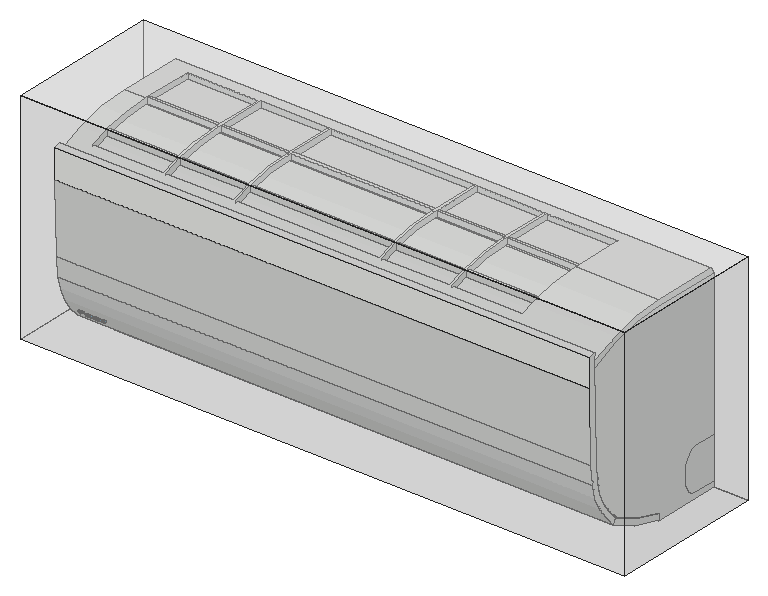
Revit family "outputfile", category 機械設備, Revit 2024
Family settings
  丸型コネクタ寸法 = 半径を使用
  パーツ タイプ = 標準
  OmniClass 番号 = 23.75.10.24.21.27.27
  OmniClass タイトル = Split System Air Conditioning Units
  作業面ベース = いいえ
  常に垂直 = はい
  ロード時にボイドで切り取り = いいえ
  注釈の向きを維持 = いいえ
  共有 = いいえ
  部屋計算ポイント = いいえ
Parameters (values of type "FTXF50WVMA")
  Description = ""
  書き出し IFC クラス(タイプ) = "IfcUnitaryEquipmentType"
  定義済み IFC タイプ(タイプ) = "AIRCONDITIONINGUNIT"
  Cost = 0
  Type Comments = ""
  Keynote = ""
  Type Image = (empty or 0)
  Assembly Code = ""
  w_wall hole = if(Width = 770.0 mm, 48.0 mm, 60.0 mm)  # 48.0 mm
  製造元 = "Daikin"
  モデル = "FTXF50WVMA"
  switch_frequency = yes
  r_Liquid Pipe Size = Liquid Pipe Size / 2  # 3.2 mm
  r_Gas Pipe Size = Gas Pipe Size / 2  # 6.35 mm
  r_Drain Pipe Size = Drain Pipe Size / 2  # 8.0 mm
  lw_powersupply [instance] = if(Width = 770.0 mm, if(or(Rear Right Connection_refrigerant, Bottom Right Connection_refrigerant), 25.0 mm, if(or(Rear Left Connection_refrigerant, Bottom Left Connection_refrigerant), 745.0 mm, 400.0 mm)), if(Width = 990.0 mm, if(or(Rear Right Connection_refrigerant, Bottom Right Connection_refrigerant), 40.0 mm, if(or(Rear Left Connection_refrigerant, Bottom Left Connection_refrigerant), 920.0 mm, 400.0 mm)), if(or(Rear Right Connection_refrigerant, Bottom Right Connection_refrigerant), 40.0 mm, if(or(Rear Left Connection_refrigerant, Bottom Left Connection_refrigerant), 920.0 mm, 400.0 mm))))  # 400.0 mm
  lw_liquidpipe [instance] = if(Width = 770.0 mm, if(or(Rear Right Connection_refrigerant, Bottom Right Connection_refrigerant), 0.0 mm, if(or(Rear Left Connection_refrigerant, Bottom Left Connection_refrigerant), 664.0 mm, 385.0 mm)), if(Width = 990.0 mm, if(or(Rear Right Connection_refrigerant, Bottom Right Connection_refrigerant), 0.0 mm, if(or(Rear Left Connection_refrigerant, Bottom Left Connection_refrigerant), 664.0 mm + (990.0 mm - 770.0 mm), 475.0 mm)), if(or(Rear Right Connection_refrigerant, Bottom Right Connection_refrigerant), 0.0 mm, if(or(Rear Left Connection_refrigerant, Bottom Left Connection_refrigerant), 664.0 mm + (990.0 mm - 770.0 mm), 475.0 mm))))  # 385.0 mm
  lw_gaspipe [instance] = if(Width = 770.0 mm, if(or(Rear Right Connection_refrigerant, Bottom Right Connection_refrigerant), 0.0 mm, if(or(Rear Left Connection_refrigerant, Bottom Left Connection_refrigerant), 675.0 mm, if(Gas Pipe Size = 12.7 mm, 335.0 mm, 335.0 mm))), if(Width = 990.0 mm, if(or(Rear Right Connection_refrigerant, Bottom Right Connection_refrigerant), 10.0 mm, if(or(Rear Left Connection_refrigerant, Bottom Left Connection_refrigerant), 890.0 mm, if(Gas Pipe Size = 15.9 mm, 400.0 mm, 400.0 mm))), if(or(Rear Right Connection_refrigerant, Bottom Right Connection_refrigerant), 10.0 mm, if(or(Rear Left Connection_refrigerant, Bottom Left Connection_refrigerant), 890.0 mm, if(Gas Pipe Size = 15.9 mm, 400.0 mm, 400.0 mm)))))  # 335.0 mm
  lw_drainpipe [instance] = if(Width = 770.0 mm, if(or(Rear Right Connection_refrigerant, Bottom Right Connection_refrigerant), 0.0 mm, if(or(Rear Left Connection_refrigerant, Bottom Left Connection_refrigerant), 770.0 mm - 48.0 mm - 48.0 mm, 440.0 mm)), if(Width = 990.0 mm, if(or(Rear Right Connection_refrigerant, Bottom Right Connection_refrigerant), 0.0 mm, if(or(Rear Left Connection_refrigerant, Bottom Left Connection_refrigerant), 675.0 mm + (990.0 mm - 770.0 mm), 435.0 mm)), if(or(Rear Right Connection_refrigerant, Bottom Right Connection_refrigerant), 0.0 mm, if(or(Rear Left Connection_refrigerant, Bottom Left Connection_refrigerant), 675.0 mm + (990.0 mm - 770.0 mm), 435.0 mm))))  # 440.0 mm
  l_powersupply_length [instance] = if(Width = 770.0 mm, if(Right Connection_refrigerant, 400.0 mm, if(Left Connection_refrigerant, 770.0 mm - 400.0 mm, if(or(Rear Left Connection_refrigerant, Rear Right Connection_refrigerant), 15.0 mm, 50.0 mm))), if(Width = 990.0 mm, if(Right Connection_refrigerant, 400.0 mm, if(Left Connection_refrigerant, 990.0 mm - 400.0 mm, if(or(Rear Left Connection_refrigerant, Rear Right Connection_refrigerant), 15.0 mm, 50.0 mm))), if(Right Connection_refrigerant, 400.0 mm, if(Left Connection_refrigerant, 990.0 mm - 400.0 mm, if(or(Rear Left Connection_refrigerant, Rear Right Connection_refrigerant), 15.0 mm, 50.0 mm)))))  # 400.0 mm
  l_liquidpipe_length [instance] = if(Width = 770.0 mm, if(Right Connection_refrigerant, 433.0 mm, if(Left Connection_refrigerant, 337.0 mm, if(or(Rear Left Connection_refrigerant, Rear Right Connection_refrigerant), 30.0 mm, 40.0 mm))), if(Width = 990.0 mm, if(Right Connection_refrigerant, 535.0 mm, if(Left Connection_refrigerant, 455.0 mm, if(or(Rear Left Connection_refrigerant, Rear Right Connection_refrigerant), 30.0 mm, 40.0 mm))), if(Right Connection_refrigerant, 535.0 mm, if(Left Connection_refrigerant, 455.0 mm, if(or(Rear Left Connection_refrigerant, Rear Right Connection_refrigerant), 30.0 mm, 40.0 mm)))))  # 433.0 mm
  l_gaspipe_length [instance] = if(Width = 770.0 mm, if(Right Connection_refrigerant, if(Gas Pipe Size = 12.7 mm, 383.0 mm, 383.0 mm), if(Left Connection_refrigerant, if(Gas Pipe Size = 12.7 mm, 770.0 mm - 383.0 mm, 770.0 mm - 383.0 mm), if(or(Rear Left Connection_refrigerant, Rear Right Connection_refrigerant), 40.0 mm, 50.0 mm))), if(Width = 990.0 mm, if(Right Connection_refrigerant, if(Gas Pipe Size = 15.9 mm, 460.0 mm, 460.0 mm), if(Left Connection_refrigerant, if(Gas Pipe Size = 15.9 mm, 990.0 mm - 460.0 mm, 990.0 mm - 460.0 mm), if(or(Rear Left Connection_refrigerant, Rear Right Connection_refrigerant), 40.0 mm, 50.0 mm))), if(Right Connection_refrigerant, if(Gas Pipe Size = 15.9 mm, 460.0 mm, 460.0 mm), if(Left Connection_refrigerant, if(Gas Pipe Size = 15.9 mm, 990.0 mm - 460.0 mm, 990.0 mm - 460.0 mm), if(or(Rear Left Connection_refrigerant, Rear Right Connection_refrigerant), 40.0 mm, 50.0 mm)))))  # 383.0 mm
  l_drainpipe_length [instance] = if(Width = 770.0 mm, if(Right Connection_refrigerant, 488.0 mm, if(Left Connection_refrigerant, 282.0 mm, if(or(Rear Left Connection_refrigerant, Rear Right Connection_refrigerant), 15.0 mm, 20.0 mm))), if(Width = 990.0 mm, if(Right Connection_refrigerant, 495.0 mm, if(Left Connection_refrigerant, 495.0 mm, if(or(Rear Left Connection_refrigerant, Rear Right Connection_refrigerant), 15.0 mm, 20.0 mm))), if(Right Connection_refrigerant, 495.0 mm, if(Left Connection_refrigerant, 495.0 mm, if(or(Rear Left Connection_refrigerant, Rear Right Connection_refrigerant), 15.0 mm, 20.0 mm)))))  # 488.0 mm
  h*** = 0.0 mm  # constant formula
  connector_voltage = Voltage_50Hz  # 230 V
  connector_powerinput = if([Power Input (Cooling)] > [Power Input (Heating)], [Power Input (Cooling)], [Power Input (Heating)])  # 0.000 kW
  connector_phase = Phase_50Hz  # 1
  angle_vertical [instance] = if(or(Bottom Left Connection_refrigerant, Bottom Right Connection_refrigerant), 0.00°, 90.00°)  # 90.00°
  angle_horizontal [instance] = if(Right Connection_refrigerant, 90.00°, if(Left Connection_refrigerant, -90.00°, if(or(Rear Left Connection_refrigerant, Rear Right Connection_refrigerant), 180.00°, 0.00°)))  # 90.00°
  Width = 770.0 mm
  Voltage_comment_50Hz = "220 - 240"
  Voltage_50Hz = 230 V
  Version = "ver.1.0"
  Unit Type = "Wall Mounted"
  Unit Mass Weight = 9.00 kg
  Unit Designation [instance] = ""
  Uniclass2015Version = "Products v1.30"
  Uniclass2015Title = "Split coil room air conditioning units"
  Uniclass2015Code = "Pr_70_65_03_86"
  URL = ""
  Total Heating Capacity [instance] = 0.000 kW
  Total Cooling Capacity [instance] = 0.000 kW
  Sound Pressure Level_M speed (dBA) = 40
  Sound Pressure Level_L speed (dBA) = 35
  Sound Pressure Level_H speed (dBA) = 45
  Sound Power Level_H speed (dB) = 0
  Series = "Single Split_Fan Coil Unit"
  Sensible Cooling Capacity [instance] = 0.000 kW
  Refrigerant Type = "R32"
  Power Input (Heating) = 0.000 kW
  Power Input (Cooling) = 0.000 kW
  Phase_50Hz = 1
  Option Accessory 3 [instance] = ""
  Option Accessory 2 [instance] = ""
  Option Accessory 1 [instance] = ""
  Nominal Heating Capacity = 5.200 kW
  Nominal Cooling Capacity = 5.000 kW
  Minimum Circuit Amps_50Hz = 0.0 A
  Minimum Airflow = 498.00 m³/h
  Median Airflow = 606.00 m³/h
  Maximum Fuse Amps_50Hz = 0.0 A
  Maximum Airflow = 756.00 m³/h
  Material_Casing = DAIKIN_PureWhite_Casing_indoorunit
  Load Classification = HVAC
  Liquid Pipe Size = 6.4 mm
  Link_Nested Family [instance] = ""
  IfcVersion = ""
  IfcExportType = "AIRCONDITIONINGUNIT"
  IfcExportAs = "IfcUnitaryEquipmentType"
  Height = 285.0 mm
  Heating Entering Wet Bulb Temperature [instance] = 0.00 °C
  Heating Entering Dry Bulb Temperature [instance] = 0.00 °C
  Heating Ambient Wet Bulb Temperature [instance] = 0.00 °C
  Heating Ambient Dry Bulb Temperature [instance] = 0.00 °C
  Heat Exchanger Type = "Cross Fin Coil"
  Gas Pipe Size = 12.7 mm
  Frequency_50Hz = 50 Hz
  Fan Type = "Cross Flow Fan"
  Fan Drive = "Direct Drive"
  FCU Tag No. [instance] = ""
  Drain Pipe Size = 16.0 mm
  Design Supply Airflow [instance] = 0.00 m³/h
  Depth = 223.0 mm
  既定の高さ = 0.0 mm
  Cooling Entering Wet Bulb Temperature [instance] = 0.00 °C
  Cooling Entering Dry Bulb Temperature [instance] = 0.00 °C
  Cooling Ambient Wet Bulb Temperature [instance] = 0.00 °C
  Cooling Ambient Dry Bulb Temperature [instance] = 0.00 °C
  Clearance visibility [instance] = yes
  Clearance Top = 30.0 mm
  Clearance Right = 50.0 mm
  Clearance Rear = 0.0 mm
  Clearance Left = 50.0 mm
  Clearance Front = 0.0 mm
  Clearance Bottom = 0.0 mm
  Bottom Right Connection_refrigerant [instance] = no
  Bottom Left Connection_refrigerant [instance] = no
  Rear Right Connection_refrigerant [instance] = no
  Rear Left Connection_refrigerant [instance] = no
  Right Connection_refrigerant [instance] = yes
  Left Connection_refrigerant [instance] = no
Reference planes
  plane 1 "Back": y = 0
  plane 2: z = 0
  plane 3 "Center (Left/Right)": x = 0
  plane 4 "Center (Front/Back)": y = -111.5
  plane 5 "Front": y = -223
  plane 6 "Left": x = -385
  plane 7 "Right": x = 385
  plane 8 "Top": z = 0
  plane 9 "Bottom": z = -285
  plane 10: x = -435
  plane 11: x = 435
  plane 12: y = 0
  plane 13: y = -223
  plane 14: z = 30
  plane 15: z = -285
  plane 16 "lw_Piping and Wiring intake": x = 337
  plane 17 "lw_gaspipe": x = 2
  plane 18 "lw_liquidpipe": x = -48
  plane 19 "lw_drainpipe": x = -103
  plane 20 "lh_drainpipe": z = -265
  plane 21 "lh_liquidpipe": z = -245
  plane 22 "lh_gaspipe": z = -235
  plane 23 "ld_drainpipe": y = -15
  plane 24 "ld_liquidpipe": y = -30
  plane 25 "ld_gaspipe": y = -40
  plane 26 "lw_powersupply": x = -15
Dimensions and locks
  equal spacing: plane 6 "Left", plane 3 "Center (Left/Right)", plane 7 "Right"
  "Width": plane 6 "Left" to plane 7 "Right"
  equal spacing: plane 5 "Front", plane 4 "Center (Front/Back)", plane 1 "Back"
  "Depth": plane 5 "Front" to plane 1 "Back"
  "Height": plane 8 "Top" to plane 9 "Bottom"
  "Clearance Rear": plane 12 to plane 1 "Back"
  "Clearance Front": plane 13 to plane 5 "Front"
  "Clearance Top": plane 14 to plane 8 "Top"
  "Clearance Bottom": plane 9 "Bottom" to plane 15
  "w_wall hole": plane 16 "lw_Piping and Wiring intake" to plane 7 "Right"
  "lw_gaspipe": plane 17 "lw_gaspipe" to plane 16 "lw_Piping and Wiring intake"
  "lw_liquidpipe": plane 18 "lw_liquidpipe" to plane 16 "lw_Piping and Wiring intake"
  "lw_drainpipe": plane 19 "lw_drainpipe" to plane 16 "lw_Piping and Wiring intake"
  locked: plane 20 "lh_drainpipe" to plane 9 "Bottom" at 20
  locked: plane 21 "lh_liquidpipe" to plane 9 "Bottom" at 40
  locked: plane 22 "lh_gaspipe" to plane 9 "Bottom" at 50
  locked: plane 23 "ld_drainpipe" to plane 1 "Back" at 15
  locked: plane 1 "Back" to plane 24 "ld_liquidpipe" at 30
  locked: plane 1 "Back" to plane 25 "ld_gaspipe" at 40
  "lw_powersupply": plane 26 "lw_powersupply" to plane 7 "Right"
  "Clearance Left": plane 10 to plane 6 "Left"
  "Clearance Right": plane 7 "Right" to plane 11
  aligned and locked: level to plane 2
  aligned and locked: plane 12 to nested 1
  aligned and locked: nested 1 to plane 13
  aligned and locked: plane 10 to nested 1
  aligned and locked: plane 11 to nested 1
  aligned and locked: plane 15 to nested 1
  aligned and locked: plane 14 to nested 1
  aligned and locked: plane 17 "lw_gaspipe" to nested 2
  aligned and locked: nested 2 to plane 25 "ld_gaspipe"
  aligned and locked: plane 18 "lw_liquidpipe" to nested 3
  aligned and locked: nested 3 to plane 24 "ld_liquidpipe"
  aligned and locked: plane 19 "lw_drainpipe" to nested 4
  aligned and locked: nested 4 to plane 23 "ld_drainpipe"
  aligned and locked: nested 5 to plane 23 "ld_drainpipe"
  aligned and locked: plane 26 "lw_powersupply" to nested 5
  aligned and locked: level to plane 8 "Top"
  aligned and locked: plane 3 "Center (Left/Right)" to nested 6
  aligned and locked: plane 1 "Back" to nested 6
  aligned and locked: plane 8 "Top" to nested 6
Nested families
  nested 1: "daikin_clearancespace" at (0, -111.5, -127.381), show <- "Clearance visibility", visible <- "Clearance visibility", Link_Nested Family <- "Link_Nested Family", type "daikin_clearancespace"
    with width 870.0 mm, show yes, height 315.0 mm, depth 223.0 mm, Link_Nested Family ""
  nested 2: "daikin_connector_rotate3" at (2, -40, -235), angle_vertical <- "angle_vertical", angle_horizontal <- "angle_horizontal", length <- "l_gaspipe_length", radius <- "r_Gas Pipe Size", type "daikin_connector_rotate3"
    with show no, radius 6.35 mm, length 383.0 mm, angle_vertical 90.00°, angle_horizontal 90.00°
  nested 3: "daikin_connector_rotate3" at (-48, -30, -245), angle_vertical <- "angle_vertical", angle_horizontal <- "angle_horizontal", radius <- "r_Liquid Pipe Size", length <- "l_liquidpipe_length", type "daikin_connector_rotate3"
    with show no, radius 3.2 mm, length 433.0 mm, angle_vertical 90.00°, angle_horizontal 90.00°
  nested 4: "daikin_connector_rotate3" at (-103, -15, -265), angle_vertical <- "angle_vertical", angle_horizontal <- "angle_horizontal", length <- "l_drainpipe_length", radius <- "r_Drain Pipe Size", type "daikin_connector_rotate3"
    with show no, radius 8.0 mm, length 488.0 mm, angle_vertical 90.00°, angle_horizontal 90.00°
  nested 5: "daikin_connector_rotate3" at (-15, -15, -235), angle_vertical <- "angle_vertical", angle_horizontal <- "angle_horizontal", length <- "l_powersupply_length", type "daikin_connector_rotate3"
    with show no, radius 10.0 mm, length 400.0 mm, angle_vertical 90.00°, angle_horizontal 90.00°
  nested 6: "DAIKIN_indoorunit_FTXF-WVMA" at (-31, 0, 0), type "FTXF-WVMA"
Connectors
  piping at (385, -40, -235), diameter 12.7, driven by "r_Gas Pipe Size"
    settings: on nested 2, index 1, connector inside diameter 609.6 mm, connector length 0.0 mm, flow factor 0, pipe flow 0.00 m³/h, pressure drop 0.0 Pa, fitting loss kfactor 0, connector angle 0.00°, fixture units 0, engagement length 0.0 mm, angle of deflection 0.00°, flow configuration 1, flow direction 2, fitting loss method 0, system type 29, joint type 0, gender type 0, connector reference index -1, connector utility 0, adjustable connector no, is connector primary yes, connector description "Refrigerant Gas Piping"
  piping at (385, -30, -245), diameter 6.4, driven by "r_Liquid Pipe Size"
    settings: on nested 3, index 2, connector inside diameter 609.6 mm, connector length 0.0 mm, flow factor 0, pipe flow 0.00 m³/h, pressure drop 0.0 Pa, fitting loss kfactor 0, connector angle 0.00°, fixture units 0, engagement length 0.0 mm, angle of deflection 0.00°, flow configuration 1, flow direction 1, fitting loss method 0, system type 29, joint type 0, gender type 0, connector reference index -1, connector utility 0, adjustable connector no, is connector primary no, connector description "Refrigerant Liquid Piping"
  piping at (385, -15, -265), diameter 16, driven by "r_Drain Pipe Size"
    settings: on nested 4, index 3, connector inside diameter 609.6 mm, connector length 0.0 mm, flow factor 0, pipe flow 0.00 m³/h, pressure drop 0.0 Pa, fitting loss kfactor 0, connector angle 0.00°, fixture units 0, engagement length 0.0 mm, angle of deflection 0.00°, flow configuration 1, flow direction 2, fitting loss method 4, system type 16, joint type 0, gender type 0, connector reference index -1, connector utility 0, adjustable connector no, is connector primary no, connector description "Condensate Drain Piping"
  electrical at (385, -15, -235), driven by "Load Classification", driven by "connector_voltage", driven by "connector_powerinput", driven by "connector_phase"
    settings: on nested 5, index 4, voltage 230 V, apparent load 0 VA, apparent load phase1 0 VA, apparent load phase2 0 VA, apparent load phase3 0 VA, power factor 1, load classification "HVAC", number of poles 1, system type 30, power factor state 1, is connector primary yes, connector utility no, sub classification motor no, connector description "Power Supply"
Definition of nested family "daikin_clearancespace"
  Parameters (values of type "daikin_clearancespace")
    Description = "daikin_clearancespace"
    width [instance] = 1823.963 mm
    show [instance] = yes
    material = none
    height [instance] = 1359.762 mm
    depth [instance] = 880.0 mm
    Default Elevation = 0.0 mm
    Link_Nested Family [instance] = ""
  Reference planes
    plane 1 "Center (Front/Back)": y = 0
    plane 2 "Center (Elevation)": z = -0.119
    plane 3 "Center (Left/Right)": x = 0
    plane 4: y = 440
    plane 5: y = -440
    plane 6 "Right": x = 911.982
    plane 7 "Left": x = -911.982
    plane 8 "Top": z = 679.762
    plane 9 "Bottom": z = -680
  Forms (mm)
    Extrusion 1, solid, material <- "material", visible <- "show"
      sketch origin (0, 0, 0) x (1, 0, 0) y (0, 1, 0)
        loop
          line (-911.982, 440) -> (-911.982, -440) -> (911.982, -440) -> (911.982, 440) -> (-911.982, 440)
      from -680 to 679.762
  Lines and regions (mm)
    symbolic lines, visible <- "show"
      curve 1: line (911.982, 440, 0) -> (-911.982, 440, 0)
      curve 2: line (-911.982, 440, 0) -> (-911.982, -440, 0)
      curve 3: line (-911.982, -440, 0) -> (911.982, -440, 0)
      curve 4: line (911.982, -440, 0) -> (911.982, 440, 0)
      curve 5: line (911.982, 0, 679.762) -> (-911.982, 0, 679.762)
      curve 6: line (911.982, 0, -680) -> (911.982, 0, 679.762)
      curve 7: line (-911.982, 0, -680) -> (911.982, 0, -680)
      curve 8: line (-911.982, 0, 679.762) -> (-911.982, 0, -680)
      curve 9: line (0, 440, 679.762) -> (0, -440, 679.762)
      curve 10: line (0, -440, 679.762) -> (0, -440, -680)
      curve 11: line (0, 440, -680) -> (0, 440, 679.762)
      curve 12: line (0, -440, -680) -> (0, 440, -680)
  Dimensions and locks
    "width": plane 7 "Left" to plane 6 "Right"
    "depth": plane 4 to plane 5
    "height": plane 8 "Top" to plane 9 "Bottom"
    equal spacing: plane 7 "Left", plane 3 "Center (Left/Right)", plane 6 "Right"
    equal spacing: plane 4, plane 1 "Center (Front/Back)", plane 5
    equal spacing: plane 8 "Top", plane 2 "Center (Elevation)", plane 9 "Bottom"
    aligned and locked: level to plane 2 "Center (Elevation)"
    aligned and locked: Extrusion 1 sketch curve to plane 4
    aligned and locked: plane 7 "Left" to Extrusion 1 sketch curve
    aligned and locked: Extrusion 1 sketch curve to plane 5
    aligned and locked: Extrusion 1 sketch curve to plane 6 "Right"
    aligned and locked: plane 8 "Top" to Extrusion 1
    aligned and locked: curve 1 to Extrusion 1
    aligned and locked: curve 2 to Extrusion 1
    aligned and locked: curve 3 to Extrusion 1
    aligned and locked: curve 4 to Extrusion 1
    aligned and locked: curve 5 to Extrusion 1
    aligned and locked: curve 6 to Extrusion 1
    aligned and locked: curve 7 to Extrusion 1
    aligned and locked: curve 8 to Extrusion 1
    aligned and locked: curve 9 to Extrusion 1
    aligned and locked: curve 10 to Extrusion 1
    aligned and locked: curve 11 to Extrusion 1
    aligned and locked: curve 12 to Extrusion 1
    aligned and locked: Extrusion 1 to plane 9 "Bottom"
Definition of nested family "DAIKIN_indoorunit_FTXF-WVMA"
  Parameters (values of type "FTKF-TVMA")
    switch_unit1_60-71 = Width = 990.0 mm  # no
    switch_unit1_20-50 = Width = 770.0 mm  # yes
    Width = 770.0 mm
    WALL HOLE-R = if(Width = 770.0 mm, 48.0 mm, 60.0 mm)  # 48.0 mm
    WALL HOLE Size = if(Width = 770.0 mm, 65.0 mm, 80.0 mm)  # 65.0 mm
    Material_Casing = none
    Height = if(Width = 770.0 mm, 285.0 mm, 295.0 mm)  # 285.0 mm
    Default Elevation = 0.0 mm
  Reference planes
    plane 1 "Center (Front/Back)": y = 0
    plane 2 "reference_level": z = 0
    plane 3 "Center (Left/Right)": x = 31
    plane 4: x = -354
    plane 5: x = 416
    plane 6: z = -285
  Forms (mm)
    Extrusion 1, solid, material <- "Material_Casing", visible <- "switch_unit1_20-50"
      sketch origin (29, 0, 0) x (0, 1, 0) y (0, 0, 1)
        loop
          line (-5, 0) -> (-98, 0)
          arc (-98, 0) -> (-157.611, -7.211) -> (-213.783, -28.427) r 250
          arc (-213.783, -28.427) -> (-213.842, -32.972) -> (-213.892, -37.516) r 2191
          arc (-213.892, -37.516) -> (-157.832, -15.495) -> (-98.07, -8) r 242
          line (-98.07, -8) -> (0, -8) -> (-5, 0)
      from -383 to 387
    Extrusion 2, solid, material <- "Material_Casing", visible <- "switch_unit1_20-50"
      sketch origin (416, 1296.25, 1200) x (0, 1, 0) y (0, 0, 1)
        loop
          line (-1472.998, -1446.91) -> (-1476.998, -1453.839)
          arc (-1476.998, -1453.839) -> (-1437.481, -1472.422) -> (-1395.25, -1483.538) r 240
          line (-1395.25, -1483.538) -> (-1395.25, -1475.422)
          arc (-1395.25, -1475.422) -> (-1435.407, -1464.663) -> (-1472.998, -1446.91) r 232
      from 0 to -47.5
    Extrusion 3, solid, material <- "Material_Casing", visible <- "switch_unit1_20-50"
      sketch origin (29, 0, 0) x (0, 1, 0) y (0, 0, 1)
        loop
          arc (-223, -60.455) -> (-222.414, -110.646) -> (-220.656, -160.81) r 2149.92
          arc (-220.656, -160.81) -> (-219.65, -174.299) -> (-217.853, -187.706) r 229.911
          arc (-217.853, -187.706) -> (-205.371, -223.594) -> (-181.517, -253.17) r 111
          line (-181.517, -253.17) -> (-177.429, -246.093)
          arc (-177.429, -246.093) -> (-198.77, -218.989) -> (-209.965, -186.36) r 103
          arc (-209.965, -186.36) -> (-211.681, -173.586) -> (-212.651, -160.735) r 221.844
          arc (-212.651, -160.735) -> (-214.739, -93.233) -> (-214.74, -25.699) r 2186.828
          arc (-214.74, -25.699) -> (-214.671, -21.467) -> (-214.594, -17.235) r 2192
          line (-214.594, -17.235) -> (-223, -19.961) -> (-223, -60.455)
      from -383 to 387
    Extrusion 4, solid, material <- "Material_Casing", visible <- "switch_unit1_20-50"
      sketch origin (29, 0, -20) x (0, 1, 0) y (0, 0, 1)
        loop
          line (0, -265) -> (0, 12) -> (-98.07, 12)
          arc (-98.07, 12) -> (-157.832, 4.505) -> (-213.892, -17.516) r 242
          arc (-213.892, -17.516) -> (-213.638, -79.114) -> (-211.653, -140.681) r 2191
          arc (-211.653, -140.681) -> (-210.685, -153.501) -> (-208.973, -166.243) r 221
          arc (-208.973, -166.243) -> (-197.471, -199.282) -> (-175.482, -226.491) r 102
          arc (-175.482, -226.491) -> (-138.004, -244.019) -> (-98, -254.579) r 231
          line (-98, -254.579) -> (-98, -265) -> (0, -265)
      from -383 to 387
    Extrusion 5, solid, material <- "Material_Casing", visible <- "switch_unit1_20-50"
      sketch origin (-354, 1296.25, 1200) x (0, 1, 0) y (0, 0, 1)
        loop
          line (-1472.998, -1446.91) -> (-1476.998, -1453.839)
          arc (-1476.998, -1453.839) -> (-1437.481, -1472.422) -> (-1395.25, -1483.538) r 240
          line (-1395.25, -1483.538) -> (-1395.25, -1475.422)
          arc (-1395.25, -1475.422) -> (-1435.407, -1464.663) -> (-1472.998, -1446.91) r 232
      from 47 to 0
    Extrusion 6, solid, material <- "Material_Casing", visible <- "switch_unit1_20-50"
      sketch origin (416, 1296.25, 1200) x (0, 1, 0) y (0, 0, 1)
        loop
          line (-1472.998, -1446.91) -> (-1476.998, -1453.839)
          arc (-1476.998, -1453.839) -> (-1443.437, -1470.168) -> (-1407.75, -1481.097) r 240
          line (-1407.75, -1481.097) -> (-1407.75, -1472.894)
          arc (-1407.75, -1472.894) -> (-1441.363, -1462.385) -> (-1472.998, -1446.91) r 232
      from -116.993 to -48.493
    Extrusion 7, solid, material <- "Material_Casing", visible <- "switch_unit1_20-50"
      sketch origin (416, 1296.25, 1200) x (0, 1, 0) y (0, 0, 1)
        loop
          line (-1472.998, -1446.91) -> (-1476.998, -1453.839)
          arc (-1476.998, -1453.839) -> (-1443.437, -1470.168) -> (-1407.75, -1481.097) r 240
          line (-1407.75, -1481.097) -> (-1407.75, -1472.894)
          arc (-1407.75, -1472.894) -> (-1441.363, -1462.385) -> (-1472.998, -1446.91) r 232
      from -717 to -121.993
    Extrusion 8, void
      sketch origin (31, 0, -235) x (1, 0, 0) y (0, 1, 0)
        loop
          line (-252.674, -22.316) -> (-354.941, -22.316) -> (-354.941, -91.341) -> (-252.674, -91.341) -> (-252.674, -22.316)
        loop
          line (-249.341, -91.341) -> (-151.574, -91.341) -> (-151.574, -22.316) -> (-249.341, -22.316) -> (-249.341, -91.341)
        loop
          line (58.309, -22.316) -> (-148.309, -22.316) -> (-148.309, -91.341) -> (58.309, -91.341) -> (58.309, -22.316)
        loop
          line (61.689, -22.316) -> (61.689, -91.341) -> (159.457, -91.341) -> (159.457, -22.316) -> (61.689, -22.316)
        loop
          line (162.789, -22.316) -> (162.789, -91.341) -> (265.057, -91.341) -> (265.057, -22.316) -> (162.789, -22.316)
        loop
          line (-354.941, -94.659) -> (-354.941, -165.259) -> (-252.674, -165.259) -> (-252.674, -94.659) -> (-354.941, -94.659)
        loop
          line (-249.341, -94.659) -> (-249.341, -165.259) -> (-151.574, -165.259) -> (-151.574, -94.659) -> (-249.341, -94.659)
        loop
          line (-148.309, -94.659) -> (-148.309, -165.259) -> (58.309, -165.259) -> (58.309, -94.659) -> (-148.309, -94.659)
        loop
          line (61.689, -94.659) -> (61.689, -165.259) -> (159.457, -165.259) -> (159.457, -94.659) -> (61.689, -94.659)
        loop
          line (162.789, -94.659) -> (162.789, -165.259) -> (265.057, -165.259) -> (265.057, -94.659) -> (162.789, -94.659)
        loop
          line (-354.941, -167.382) -> (-354.941, -192.681) -> (-252.674, -192.681) -> (-252.674, -167.382) -> (-354.941, -167.382)
        loop
          line (-249.341, -167.382) -> (-249.341, -192.681) -> (-151.574, -192.681) -> (-151.574, -167.382) -> (-249.341, -167.382)
        loop
          line (-148.309, -167.382) -> (-148.309, -192.681) -> (58.309, -192.681) -> (58.309, -167.382) -> (-148.309, -167.382)
        loop
          line (159.457, -167.382) -> (61.689, -167.382) -> (61.689, -192.681) -> (159.457, -192.681) -> (159.457, -167.382)
        loop
          line (265.057, -167.382) -> (162.789, -167.382) -> (162.789, -192.681) -> (265.057, -192.681) -> (265.057, -167.382)
      from 201.638 to 250
    Extrusion 9, solid, material <- "Material_Casing"
      sketch origin (31, 0, 0) x (1, 0, 0) y (0, 0, 1)
        loop
          circle (337, -240.5) r 32.5
        loop
          circle (-337, -240.5) r 32.5
      from 0 to 5
    Extrusion 10, solid, material <- "Material_Casing", visible <- "switch_unit1_20-50"
      sketch origin (416, 1296.25, 1200) x (0, -1, 0) y (0, 0, 1)
        loop
          line (1326.25, -1417) -> (1296.25, -1417) -> (1296.25, -1477) -> (1326.25, -1477)
          arc (1326.25, -1477) -> (1340.393, -1471.142) -> (1346.25, -1457) r 20
          line (1346.25, -1457) -> (1346.25, -1437)
          arc (1346.25, -1437) -> (1340.393, -1422.858) -> (1326.25, -1417) r 20
      from 0 to 5
    Extrusion 11, solid, material <- "Material_Casing", visible <- "switch_unit1_20-50"
      sketch origin (-354, 1296.25, 1200) x (0, 1, 0) y (0, 0, 1)
        loop
          line (-1296.25, -1417) -> (-1326.25, -1417)
          arc (-1326.25, -1417) -> (-1340.393, -1422.858) -> (-1346.25, -1437) r 20
          line (-1346.25, -1437) -> (-1346.25, -1457)
          arc (-1346.25, -1457) -> (-1340.393, -1471.142) -> (-1326.25, -1477) r 20
          line (-1326.25, -1477) -> (-1296.25, -1477) -> (-1296.25, -1417)
      from 0 to 5
    Extrusion 12, solid, material <- "Material_Casing", visible <- "switch_unit1_20-50"
      sketch origin (31, 0, -285) x (-1, 0, 0) y (0, -1, 0)
        loop
          line (-314, 0) -> (-314, 30)
          arc (-314, 30) -> (-319.858, 44.142) -> (-334, 50) r 20
          line (-334, 50) -> (-354, 50)
          arc (-354, 50) -> (-368.142, 44.142) -> (-374, 30) r 20
          line (-374, 30) -> (-374, 0) -> (-314, 0)
        loop
          line (374, 0) -> (374, 30)
          arc (374, 30) -> (368.142, 44.142) -> (354, 50) r 20
          line (354, 50) -> (334, 50)
          arc (334, 50) -> (319.858, 44.142) -> (314, 30) r 20
          line (314, 30) -> (314, 0) -> (374, 0)
      from 0 to 5
    Extrusion 13, solid, material <- "Material_Casing", visible <- "switch_unit1_60-71"
      sketch origin (31, 0, 0) x (0, 1, 0) y (0, 0, 1)
        loop
          line (-5, 0) -> (-138, 0)
          arc (-138, 0) -> (-197.611, -7.211) -> (-253.783, -28.427) r 250
          arc (-253.783, -28.427) -> (-253.838, -32.687) -> (-253.886, -36.946) r 2191
          arc (-253.886, -36.946) -> (-197.73, -15.346) -> (-138.014, -8) r 246.393
          line (-138.014, -8) -> (0, -8) -> (-5, 0)
      from -495 to 495
    Extrusion 14, solid, material <- "Material_Casing", visible <- "switch_unit1_60-71"
      sketch origin (418, 1296.25, 1200) x (0, 1, 0) y (0, 0, 1)
        loop
          arc (-1515.208, -1454.149) -> (-1506.856, -1460.599) -> (-1497.925, -1466.219) r 110
          arc (-1497.925, -1466.219) -> (-1445.718, -1487.493) -> (-1389.844, -1494.995) r 223
          line (-1389.844, -1494.995) -> (-1389.844, -1486.086) -> (-1404.386, -1486.086)
          arc (-1404.386, -1486.086) -> (-1449.542, -1477.46) -> (-1491.818, -1459.402) r 214.289
          arc (-1491.818, -1459.402) -> (-1501.056, -1453.541) -> (-1509.606, -1446.715) r 101
          line (-1509.606, -1446.715) -> (-1515.208, -1454.149)
      from 108 to 57.5
    Extrusion 15, solid, material <- "Material_Casing", visible <- "switch_unit1_60-71"
      sketch origin (31, 0, 0) x (0, 1, 0) y (0, 0, 1)
        loop
          line (-263, -19.962) -> (-263, -61.6)
          arc (-263, -61.6) -> (-262.414, -110.219) -> (-260.656, -158.81) r 2017.341
          arc (-260.656, -158.81) -> (-255.648, -191.935) -> (-244.041, -223.362) r 164.725
          arc (-244.041, -223.362) -> (-233.569, -239.793) -> (-219.717, -253.495) r 87.379
          line (-219.717, -253.495) -> (-214.706, -246.846)
          arc (-214.706, -246.846) -> (-229.564, -230.029) -> (-240.385, -210.371) r 102
          arc (-240.385, -210.371) -> (-249.049, -182.962) -> (-252.848, -154.467) r 165.789
          arc (-252.848, -154.467) -> (-254.771, -90.102) -> (-254.74, -25.708) r 2122.533
          arc (-254.74, -25.708) -> (-254.671, -21.469) -> (-254.594, -17.23) r 2192
          line (-254.594, -17.23) -> (-263, -19.962)
      from -495 to 495
    Extrusion 16, void
      sketch origin (33, 0, 0) x (1, 0, 0) y (0, 1, 0)
        loop
          line (-466.909, -22.316) -> (-466.909, -111.341) -> (-366.303, -111.341) -> (-366.303, -22.316) -> (-466.909, -22.316)
        loop
          line (-362.71, -22.316) -> (-362.71, -111.341) -> (-262.103, -111.341) -> (-262.103, -22.316) -> (-362.71, -22.316)
        loop
          line (-258.51, -22.316) -> (-258.51, -111.341) -> (-157.904, -111.341) -> (-157.904, -22.316) -> (-258.51, -22.316)
        loop
          line (-154.31, -22.316) -> (-154.31, -111.341) -> (-53.704, -111.341) -> (-53.704, -22.316) -> (-154.31, -22.316)
        loop
          line (-50.11, -22.316) -> (-50.11, -111.341) -> (50.496, -111.341) -> (50.496, -22.316) -> (-50.11, -22.316)
        loop
          line (54.089, -22.316) -> (54.089, -111.341) -> (154.696, -111.341) -> (154.696, -22.316) -> (54.089, -22.316)
        loop
          line (158.289, -22.316) -> (158.289, -111.341) -> (258.895, -111.341) -> (258.895, -22.316) -> (158.289, -22.316)
        loop
          line (262.489, -22.316) -> (262.489, -111.341) -> (363.095, -111.341) -> (363.095, -22.316) -> (262.489, -22.316)
        loop
          line (-466.909, -114.459) -> (-466.909, -185.059) -> (-366.303, -185.059) -> (-366.303, -114.459) -> (-466.909, -114.459)
        loop
          line (-362.71, -114.459) -> (-362.71, -185.059) -> (-262.103, -185.059) -> (-262.103, -114.459) -> (-362.71, -114.459)
        loop
          line (-258.51, -114.459) -> (-258.51, -185.059) -> (-157.904, -185.059) -> (-157.904, -114.459) -> (-258.51, -114.459)
        loop
          line (-154.31, -114.459) -> (-154.31, -185.059) -> (-53.704, -185.059) -> (-53.704, -114.459) -> (-154.31, -114.459)
        loop
          line (-50.11, -114.459) -> (-50.11, -185.059) -> (50.496, -185.059) -> (50.496, -114.459) -> (-50.11, -114.459)
        loop
          line (54.089, -114.459) -> (54.089, -185.059) -> (154.696, -185.059) -> (154.696, -114.459) -> (54.089, -114.459)
        loop
          line (158.289, -114.459) -> (158.289, -185.059) -> (258.895, -185.059) -> (258.895, -114.459) -> (158.289, -114.459)
        loop
          line (262.489, -114.459) -> (262.489, -185.059) -> (363.095, -185.059) -> (363.095, -114.459) -> (262.489, -114.459)
        loop
          line (-466.909, -187.382) -> (-466.909, -232.681) -> (-366.303, -232.681) -> (-366.303, -187.382) -> (-466.909, -187.382)
        loop
          line (-362.71, -187.382) -> (-362.71, -232.681) -> (-262.103, -232.681) -> (-262.103, -187.382) -> (-362.71, -187.382)
        loop
          line (-258.51, -187.382) -> (-258.51, -232.681) -> (-157.904, -232.681) -> (-157.904, -187.382) -> (-258.51, -187.382)
        loop
          line (-154.31, -187.382) -> (-154.31, -232.681) -> (-53.704, -232.681) -> (-53.704, -187.382) -> (-154.31, -187.382)
        loop
          line (-50.11, -187.382) -> (-50.11, -232.681) -> (50.496, -232.681) -> (50.496, -187.382) -> (-50.11, -187.382)
        loop
          line (54.089, -187.382) -> (54.089, -232.681) -> (154.696, -232.681) -> (154.696, -187.382) -> (54.089, -187.382)
        loop
          line (158.289, -187.382) -> (158.289, -232.681) -> (258.895, -232.681) -> (258.895, -187.382) -> (158.289, -187.382)
        loop
          line (262.489, -187.382) -> (262.489, -232.681) -> (363.095, -232.681) -> (363.095, -187.382) -> (262.489, -187.382)
      from -40.013 to 47.268
    Extrusion 17, solid, material <- "Material_Casing", visible <- "switch_unit1_60-71"
      sketch origin (-356, 1296.25, 1200) x (0, 1, 0) y (0, 0, -1)
        loop
          line (-1515.208, 1454.149) -> (-1509.606, 1446.715)
          arc (-1509.606, 1446.715) -> (-1501.056, 1453.541) -> (-1491.818, 1459.402) r 101
          arc (-1491.818, 1459.402) -> (-1449.542, 1477.46) -> (-1404.386, 1486.086) r 214.289
          line (-1404.386, 1486.086) -> (-1389.844, 1486.086) -> (-1389.844, 1494.995)
          arc (-1389.844, 1494.995) -> (-1445.718, 1487.493) -> (-1497.925, 1466.219) r 223
          arc (-1497.925, 1466.219) -> (-1506.856, 1460.599) -> (-1515.208, 1454.149) r 110
      from 108 to 61
    Extrusion 18, solid, material <- "Material_Casing", visible <- "switch_unit1_60-71"
      sketch origin (418, 1296.25, 1200) x (0, 1, 0) y (0, 0, 1)
        loop
          arc (-1515.208, -1454.149) -> (-1506.856, -1460.599) -> (-1497.925, -1466.219) r 110
          arc (-1497.925, -1466.219) -> (-1463.185, -1482.066) -> (-1426.25, -1491.755) r 223
          line (-1426.25, -1491.755) -> (-1426.25, -1483.166)
          arc (-1426.25, -1483.166) -> (-1460.008, -1473.969) -> (-1491.818, -1459.402) r 214.289
          arc (-1491.818, -1459.402) -> (-1501.056, -1453.541) -> (-1509.606, -1446.715) r 101
          line (-1509.606, -1446.715) -> (-1515.208, -1454.149)
      from 56.5 to -36.993
    Extrusion 19, solid, material <- "Material_Casing", visible <- "switch_unit1_60-71"
      sketch origin (418, 1296.25, 1200) x (0, 1, 0) y (0, 0, 1)
        loop
          arc (-1426.25, -1483.166) -> (-1443.442, -1479.224) -> (-1460.25, -1473.881) r 214.289
          line (-1460.25, -1473.881) -> (-1460.25, -1483.089)
          arc (-1460.25, -1483.089) -> (-1443.421, -1488.091) -> (-1426.25, -1491.755) r 223
          line (-1426.25, -1491.755) -> (-1426.25, -1483.166)
      from -43.493 to -828.893
    Extrusion 20, solid, material <- "Material_Casing", visible <- "switch_unit1_60-71"
      sketch origin (418, 1296.25, 1200) x (0, 1, 0) y (0, 0, 1)
        loop
          arc (-1515.208, -1454.149) -> (-1506.856, -1460.599) -> (-1497.925, -1466.219) r 110
          arc (-1497.925, -1466.219) -> (-1479.479, -1475.527) -> (-1460.25, -1483.089) r 223
          line (-1460.25, -1483.089) -> (-1460.25, -1473.881)
          arc (-1460.25, -1473.881) -> (-1476.328, -1467.282) -> (-1491.818, -1459.402) r 214.289
          arc (-1491.818, -1459.402) -> (-1501.056, -1453.541) -> (-1509.606, -1446.715) r 101
          line (-1509.606, -1446.715) -> (-1515.208, -1454.149)
      from -43.493 to -828.893
    Extrusion 21, solid, material <- "Material_Casing", visible <- "switch_unit1_60-71"
      sketch origin (31, 0, -30) x (0, 1, 0) y (0, 0, 1)
        loop
          line (0, 22) -> (-138.014, 22)
          arc (-138.014, 22) -> (-197.73, 14.654) -> (-253.886, -6.946) r 246.393
          arc (-253.886, -6.946) -> (-253.682, -65.635) -> (-251.855, -124.295) r 2120.935
          arc (-251.855, -124.295) -> (-248.086, -152.682) -> (-239.461, -179.988) r 164.789
          arc (-239.461, -179.988) -> (-228.903, -199.231) -> (-214.437, -215.738) r 101
          line (-214.437, -215.738) -> (-212.406, -216.221)
          arc (-212.406, -216.221) -> (-204.07, -222.837) -> (-195.079, -228.53) r 100
          arc (-195.079, -228.53) -> (-145.557, -248.629) -> (-92.593, -255.785) r 213.289
          line (-92.593, -255.785) -> (-92.593, -265) -> (0, -265) -> (0, 22)
      from -495 to 495
    Extrusion 22, solid, material <- "Material_Casing", visible <- "switch_unit1_60-71"
      sketch origin (526, 1296.25, 1200) x (0, -1, 0) y (0, 0, 1)
        loop
          line (1326.25, -1427.035) -> (1296.25, -1427.035) -> (1296.25, -1487.035) -> (1326.25, -1487.035)
          arc (1326.25, -1487.035) -> (1340.393, -1481.177) -> (1346.25, -1467.035) r 20
          line (1346.25, -1467.035) -> (1346.25, -1447.035)
          arc (1346.25, -1447.035) -> (1340.393, -1432.892) -> (1326.25, -1427.035) r 20
      from 0 to 5
    Extrusion 23, solid, material <- "Material_Casing", visible <- "switch_unit1_60-71"
      sketch origin (-459, 1296.25, 1200) x (0, -1, 0) y (0, 0, 1)
        loop
          line (1326.25, -1427.035) -> (1296.25, -1427.035) -> (1296.25, -1487.035) -> (1326.25, -1487.035)
          arc (1326.25, -1487.035) -> (1340.393, -1481.177) -> (1346.25, -1467.035) r 20
          line (1346.25, -1467.035) -> (1346.25, -1447.035)
          arc (1346.25, -1447.035) -> (1340.393, -1432.892) -> (1326.25, -1427.035) r 20
      from 0 to 5
    Extrusion 24, solid, material <- "Material_Casing", visible <- "switch_unit1_60-71"
      sketch origin (31, 200, -295) x (-1, 0, 0) y (0, -1, 0)
        loop
          line (469, 200) -> (469, 230)
          arc (469, 230) -> (463.142, 244.142) -> (449, 250) r 20
          line (449, 250) -> (429, 250)
          arc (429, 250) -> (414.858, 244.142) -> (409, 230) r 20
          line (409, 230) -> (409, 200) -> (469, 200)
        loop
          line (-469, 200) -> (-409, 200) -> (-409, 230)
          arc (-409, 230) -> (-414.858, 244.142) -> (-429, 250) r 20
          line (-429, 250) -> (-449, 250)
          arc (-449, 250) -> (-463.142, 244.142) -> (-469, 230) r 20
          line (-469, 230) -> (-469, 200)
      from 0 to 5
  Cuts and joins
    Extrusion 8 cuts Extrusion 1
    Extrusion 16 cuts Extrusion 13
  Lines and regions (mm)
    reference lines
      curve 1: line (-523, -201.911, -229.404) -> (-523, -193.542, -239.977)
      curve 2: line (-523, -240.779, -229.404) -> (-523, -232.411, -239.977)
  Dimensions and locks
    locked: Extrusion 10 sketch curve to Extrusion 10 sketch curve at 60
    locked: Extrusion 10 sketch curve to Extrusion 10 sketch curve at 50
    locked: Extrusion 12 sketch curve to Extrusion 12 sketch curve at 60  (x2)
    locked: Extrusion 12 sketch curve to Extrusion 12 sketch curve at 50
    equal spacing: plane 5, plane 3 "Center (Left/Right)", plane 4
    "Width": plane 5 to plane 4
    locked: Extrusion 9 sketch curve to plane 4 at 48
    "WALL HOLE-R": plane 5 to Extrusion 9 sketch curve
    "Height": plane 2 "reference_level" to plane 6
    locked: Extrusion 9 sketch curve to plane 6 at 44.5  (x2)
    locked: Extrusion 15 to nested 2 at 15
    locked: Extrusion 22 sketch curve to Extrusion 22 sketch curve at 60
    locked: Extrusion 22 sketch curve to Extrusion 22 sketch curve at 50
    locked: Extrusion 23 sketch curve to Extrusion 23 sketch curve at 60
    locked: Extrusion 23 sketch curve to Extrusion 23 sketch curve at 50
    locked: Extrusion 24 sketch curve to Extrusion 24 sketch curve at 60  (x2)
    locked: Extrusion 24 sketch curve to Extrusion 24 sketch curve at 50  (x2)
    "WALL HOLE Size": diameter of Extrusion 9 sketch curve  (x2)
    aligned and locked: level to plane 2 "reference_level"
    aligned and locked: nested 1 to curve 1
    aligned and locked: Extrusion 11 sketch curve to Extrusion 10  (x4)
    aligned and locked: Extrusion 12 sketch curve to Extrusion 12 sketch curve  (x2)
    aligned and locked: Extrusion 9 to plane 1 "Center (Front/Back)"
    aligned and locked: nested 2 to curve 2
  Automatic sketch dimensions
    curve 1 to level = 239.977 mm
    plane 1 "Center (Front/Back)" to curve 1 = 193.542 mm
    curve 2 to curve 1 = 0.0 mm
    curve 2 to curve 2 = 10.573 mm
    curve 1 to curve 1 = 10.573 mm
    curve 1 to curve 1 = 8.368 mm
    curve 1 to curve 2 = 30.5 mm
    curve 2 to curve 2 = 8.368 mm
    Extrusion 1 sketch curve to level = 0.0 mm
    Extrusion 1 sketch curve to plane 1 "Center (Front/Back)" = 0.0 mm
    plane 1 "Center (Front/Back)" to Extrusion 1 sketch curve = 5.0 mm
    plane 1 "Center (Front/Back)" to Extrusion 1 sketch curve = 98.0 mm
    Extrusion 1 sketch curve to Extrusion 1 sketch curve = 0.07 mm
    Extrusion 1 sketch curve to level = 59.292 mm
    Extrusion 1 sketch curve to plane 1 "Center (Front/Back)" = 1977.0 mm
    Extrusion 1 sketch curve to level = 250.0 mm
    Extrusion 1 sketch curve to Extrusion 1 sketch curve = 0.0 mm
    Extrusion 1 sketch curve to level = 8.0 mm
    Extrusion 1 sketch curve to level = 28.427 mm
    plane 1 "Center (Front/Back)" to Extrusion 2 sketch curve = 180.748 mm
    Extrusion 2 sketch curve to Extrusion 2 sketch curve = 4.0 mm
    Extrusion 2 sketch curve to Extrusion 2 sketch curve = 77.747 mm
    plane 1 "Center (Front/Back)" to Extrusion 2 sketch curve = 59.279 mm
    Extrusion 2 sketch curve to Extrusion 2 sketch curve = 0.0 mm
    Extrusion 2 sketch curve to level = 283.538 mm
    Extrusion 2 sketch curve to Extrusion 2 sketch curve = 8.116 mm
    Extrusion 2 sketch curve to Extrusion 2 sketch curve = 21.583 mm
    Extrusion 2 sketch curve to Extrusion 2 sketch curve = 6.929 mm
    Extrusion 3 sketch curve to level = 19.961 mm
    plane 1 "Center (Front/Back)" to Extrusion 3 sketch curve = 223.0 mm
    Extrusion 3 sketch curve to level = 17.235 mm
    Extrusion 3 sketch curve to Extrusion 3 sketch curve = 8.406 mm
    plane 1 "Center (Front/Back)" to Extrusion 3 sketch curve = 181.517 mm
    Extrusion 3 sketch curve to Extrusion 3 sketch curve = 4.087 mm
    Extrusion 3 sketch curve to Extrusion 3 sketch curve = 69.11 mm
    Extrusion 3 sketch curve to Extrusion 3 sketch curve = 0.001 mm
    Extrusion 3 sketch curve to plane 1 "Center (Front/Back)" = 8.955 mm
    Extrusion 3 sketch curve to Extrusion 3 sketch curve = 0.067 mm
    Extrusion 3 sketch curve to level = 60.455 mm
    Extrusion 3 sketch curve to Extrusion 3 sketch curve = 1917.898 mm
    Extrusion 3 sketch curve to Extrusion 3 sketch curve = 44.907 mm
    Extrusion 3 sketch curve to Extrusion 3 sketch curve = 5.172 mm
    Extrusion 3 sketch curve to level = 150.456 mm
    Extrusion 3 sketch curve to Extrusion 3 sketch curve = 0.006 mm
    Extrusion 3 sketch curve to Extrusion 3 sketch curve = 19.265 mm
    Extrusion 3 sketch curve to Extrusion 3 sketch curve = 0.004 mm
    Extrusion 3 sketch curve to Extrusion 3 sketch curve = 76.368 mm
    Extrusion 3 sketch curve to Extrusion 3 sketch curve = 7.077 mm
    Extrusion 3 sketch curve to Extrusion 3 sketch curve = 1.002 mm
    Extrusion 3 sketch curve to Extrusion 3 sketch curve = 0.046 mm
    Extrusion 3 sketch curve to Extrusion 3 sketch curve = 8.005 mm
    Extrusion 3 sketch curve to Extrusion 3 sketch curve = 0.147 mm
    Extrusion 3 sketch curve to Extrusion 3 sketch curve = 0.0 mm
    Extrusion 4 sketch curve to plane 1 "Center (Front/Back)" = 0.0 mm
    plane 1 "Center (Front/Back)" to Extrusion 4 sketch curve = 59.278 mm
    Extrusion 4 sketch curve to Extrusion 4 sketch curve = 98.0 mm
    Extrusion 4 sketch curve to Extrusion 4 sketch curve = 0.0 mm  (x3)
    Extrusion 4 sketch curve to level = 8.0 mm
    Extrusion 4 sketch curve to Extrusion 4 sketch curve = 38.791 mm
    Extrusion 4 sketch curve to Extrusion 4 sketch curve = 10.249 mm
    Extrusion 4 sketch curve to plane 1 "Center (Front/Back)" = 9.11 mm
    Extrusion 4 sketch curve to level = 59.292 mm
    Extrusion 4 sketch curve to Extrusion 4 sketch curve = 1967.89 mm
    Extrusion 4 sketch curve to Extrusion 4 sketch curve = 142.454 mm
    Extrusion 4 sketch curve to Extrusion 4 sketch curve = 19.271 mm
    Extrusion 4 sketch curve to Extrusion 4 sketch curve = 80.275 mm
    Extrusion 4 sketch curve to Extrusion 4 sketch curve = 24.579 mm
    Extrusion 4 sketch curve to Extrusion 4 sketch curve = 10.421 mm
    Extrusion 4 sketch curve to level = 46.847 mm
    Extrusion 4 sketch curve to Extrusion 4 sketch curve = 77.412 mm
    Extrusion 4 sketch curve to Extrusion 4 sketch curve = 33.49 mm
    Extrusion 4 sketch curve to Extrusion 4 sketch curve = 2.68 mm
    plane 1 "Center (Front/Back)" to Extrusion 5 sketch curve = 180.748 mm
    Extrusion 5 sketch curve to Extrusion 5 sketch curve = 4.0 mm
    Extrusion 5 sketch curve to Extrusion 5 sketch curve = 77.747 mm
    plane 1 "Center (Front/Back)" to Extrusion 5 sketch curve = 59.279 mm
    Extrusion 5 sketch curve to Extrusion 5 sketch curve = 0.0 mm
    Extrusion 5 sketch curve to level = 283.538 mm
    Extrusion 5 sketch curve to Extrusion 5 sketch curve = 8.116 mm
    Extrusion 5 sketch curve to Extrusion 5 sketch curve = 21.583 mm
    Extrusion 5 sketch curve to Extrusion 5 sketch curve = 6.929 mm
    plane 1 "Center (Front/Back)" to Extrusion 6 sketch curve = 180.748 mm
    Extrusion 6 sketch curve to Extrusion 6 sketch curve = 4.0 mm
    Extrusion 6 sketch curve to Extrusion 6 sketch curve = 65.247 mm
    plane 1 "Center (Front/Back)" to Extrusion 6 sketch curve = 59.279 mm
    Extrusion 6 sketch curve to Extrusion 6 sketch curve = 0.0 mm
    Extrusion 6 sketch curve to level = 281.097 mm
    Extrusion 6 sketch curve to Extrusion 6 sketch curve = 8.203 mm
    Extrusion 6 sketch curve to Extrusion 6 sketch curve = 19.055 mm
    Extrusion 6 sketch curve to Extrusion 6 sketch curve = 6.929 mm
    plane 1 "Center (Front/Back)" to Extrusion 7 sketch curve = 180.748 mm
    Extrusion 7 sketch curve to Extrusion 7 sketch curve = 4.0 mm
    Extrusion 7 sketch curve to Extrusion 7 sketch curve = 65.247 mm
    plane 1 "Center (Front/Back)" to Extrusion 7 sketch curve = 59.279 mm
    Extrusion 7 sketch curve to Extrusion 7 sketch curve = 0.0 mm
    Extrusion 7 sketch curve to level = 281.097 mm
    Extrusion 7 sketch curve to Extrusion 7 sketch curve = 8.203 mm
    Extrusion 7 sketch curve to Extrusion 7 sketch curve = 19.055 mm
    Extrusion 7 sketch curve to Extrusion 7 sketch curve = 6.929 mm
    plane 1 "Center (Front/Back)" to Extrusion 8 sketch curve = 165.259 mm  (x2)
    Extrusion 8 sketch curve to plane 3 "Center (Left/Right)" = 354.941 mm
    plane 1 "Center (Front/Back)" to Extrusion 8 sketch curve = 22.316 mm  (x3)
    Extrusion 8 sketch curve to Extrusion 8 sketch curve = 0.0 mm  (x26)
    Extrusion 8 sketch curve to Extrusion 8 sketch curve = 102.268 mm  (x2)
    Extrusion 8 sketch curve to Extrusion 8 sketch curve = 3.332 mm  (x4)
    Extrusion 8 sketch curve to Extrusion 8 sketch curve = 97.768 mm  (x2)
    Extrusion 8 sketch curve to Extrusion 8 sketch curve = 3.264 mm  (x3)
    plane 3 "Center (Left/Right)" to Extrusion 8 sketch curve = 58.309 mm
    Extrusion 8 sketch curve to Extrusion 8 sketch curve = 3.38 mm  (x3)
    Extrusion 8 sketch curve to Extrusion 8 sketch curve = 2.124 mm  (x6)
    Extrusion 8 sketch curve to Extrusion 8 sketch curve = 25.299 mm  (x2)
    Extrusion 8 sketch curve to Extrusion 8 sketch curve = 70.6 mm
    Extrusion 8 sketch curve to Extrusion 8 sketch curve = 3.317 mm  (x4)
    Extrusion 10 sketch curve to plane 1 "Center (Front/Back)" = 0.0 mm
    Extrusion 10 sketch curve to Extrusion 10 sketch curve = 20.0 mm  (x2)
    Extrusion 10 sketch curve to level = 277.0 mm
    plane 1 "Center (Front/Back)" to Extrusion 12 sketch curve = 0.0 mm
    plane 3 "Center (Left/Right)" to Extrusion 12 sketch curve = 374.0 mm
    Extrusion 12 sketch curve to Extrusion 12 sketch curve = 20.0 mm  (x3)
    plane 1 "Center (Front/Back)" to Extrusion 12 sketch curve = 30.0 mm
    Extrusion 12 sketch curve to plane 3 "Center (Left/Right)" = 314.0 mm
    Extrusion 13 sketch curve to level = 0.0 mm
    Extrusion 13 sketch curve to plane 1 "Center (Front/Back)" = 0.0 mm
    plane 1 "Center (Front/Back)" to Extrusion 13 sketch curve = 5.0 mm
    Extrusion 13 sketch curve to Extrusion 13 sketch curve = 133.0 mm
    Extrusion 13 sketch curve to Extrusion 13 sketch curve = 0.013 mm
    Extrusion 13 sketch curve to level = 59.292 mm
    Extrusion 13 sketch curve to plane 1 "Center (Front/Back)" = 1937.0 mm
    Extrusion 13 sketch curve to Extrusion 13 sketch curve = 250.0 mm
    Extrusion 13 sketch curve to Extrusion 13 sketch curve = 4.393 mm
    Extrusion 13 sketch curve to level = 8.0 mm
    Extrusion 13 sketch curve to level = 28.427 mm
    plane 1 "Center (Front/Back)" to Extrusion 14 sketch curve = 218.957 mm
    Extrusion 14 sketch curve to Extrusion 14 sketch curve = 5.601 mm
    Extrusion 14 sketch curve to Extrusion 14 sketch curve = 65.735 mm
    Extrusion 14 sketch curve to Extrusion 14 sketch curve = 1.462 mm
    plane 1 "Center (Front/Back)" to Extrusion 14 sketch curve = 108.136 mm
    Extrusion 14 sketch curve to Extrusion 14 sketch curve = 14.543 mm
    plane 1 "Center (Front/Back)" to Extrusion 14 sketch curve = 92.093 mm
    Extrusion 14 sketch curve to Extrusion 14 sketch curve = 1.354 mm
    Extrusion 14 sketch curve to level = 294.995 mm
    Extrusion 14 sketch curve to Extrusion 14 sketch curve = 8.909 mm
    Extrusion 14 sketch curve to Extrusion 14 sketch curve = 31.937 mm
    Extrusion 14 sketch curve to Extrusion 14 sketch curve = 7.433 mm
    Extrusion 14 sketch curve to Extrusion 14 sketch curve = 75.403 mm
    Extrusion 14 sketch curve to Extrusion 14 sketch curve = 0.896 mm
    Extrusion 14 sketch curve to level = 72.504 mm
    Extrusion 14 sketch curve to Extrusion 14 sketch curve = 0.504 mm
    Extrusion 15 sketch curve to level = 19.962 mm
    plane 1 "Center (Front/Back)" to Extrusion 15 sketch curve = 263.0 mm
    Extrusion 15 sketch curve to level = 17.23 mm
    Extrusion 15 sketch curve to Extrusion 15 sketch curve = 8.406 mm
    Extrusion 15 sketch curve to Extrusion 15 sketch curve = 43.283 mm
    Extrusion 15 sketch curve to Extrusion 15 sketch curve = 5.011 mm
    Extrusion 15 sketch curve to Extrusion 15 sketch curve = 49.129 mm
    Extrusion 15 sketch curve to Extrusion 15 sketch curve = 19.417 mm
    Extrusion 15 sketch curve to Extrusion 15 sketch curve = 50.037 mm
    Extrusion 15 sketch curve to Extrusion 15 sketch curve = 8.89 mm
    Extrusion 15 sketch curve to level = 61.6 mm
    Extrusion 15 sketch curve to plane 1 "Center (Front/Back)" = 1754.341 mm
    Extrusion 15 sketch curve to level = 58.909 mm
    Extrusion 15 sketch curve to Extrusion 15 sketch curve = 113.192 mm
    Extrusion 15 sketch curve to Extrusion 15 sketch curve = 69.467 mm
    Extrusion 15 sketch curve to level = 146.886 mm
    Extrusion 15 sketch curve to Extrusion 15 sketch curve = 3.987 mm
    Extrusion 15 sketch curve to Extrusion 15 sketch curve = 20.44 mm
    Extrusion 15 sketch curve to Extrusion 15 sketch curve = 13.597 mm
    Extrusion 15 sketch curve to Extrusion 15 sketch curve = 61.936 mm
    Extrusion 15 sketch curve to Extrusion 15 sketch curve = 6.649 mm
    Extrusion 15 sketch curve to level = 59.438 mm
    Extrusion 15 sketch curve to Extrusion 15 sketch curve = 0.0 mm
    Extrusion 15 sketch curve to Extrusion 15 sketch curve = 0.147 mm
    Extrusion 15 sketch curve to Extrusion 15 sketch curve = 7.808 mm
    plane 1 "Center (Front/Back)" to Extrusion 16 sketch curve = 22.316 mm  (x6)
    Extrusion 16 sketch curve to plane 3 "Center (Left/Right)" = 464.909 mm
    Extrusion 16 sketch curve to Extrusion 16 sketch curve = 0.0 mm  (x27)
    Extrusion 16 sketch curve to Extrusion 16 sketch curve = 100.606 mm  (x7)
    Extrusion 16 sketch curve to Extrusion 16 sketch curve = 3.594 mm  (x16)
    Extrusion 16 sketch curve to plane 3 "Center (Left/Right)" = 51.704 mm
    plane 3 "Center (Left/Right)" to Extrusion 16 sketch curve = 52.496 mm  (x2)
    Extrusion 16 sketch curve to Extrusion 16 sketch curve = 89.026 mm  (x6)
    Extrusion 16 sketch curve to Extrusion 16 sketch curve = 3.117 mm  (x8)
    Extrusion 16 sketch curve to Extrusion 16 sketch curve = 70.6 mm  (x7)
    Extrusion 16 sketch curve to Extrusion 16 sketch curve = 2.324 mm  (x8)
    Extrusion 16 sketch curve to Extrusion 16 sketch curve = 45.299 mm  (x7)
    plane 1 "Center (Front/Back)" to Extrusion 17 sketch curve = 218.957 mm
    Extrusion 17 sketch curve to Extrusion 17 sketch curve = 5.601 mm
    Extrusion 17 sketch curve to Extrusion 17 sketch curve = 65.735 mm
    Extrusion 17 sketch curve to Extrusion 17 sketch curve = 1.462 mm
    plane 1 "Center (Front/Back)" to Extrusion 17 sketch curve = 108.136 mm
    Extrusion 17 sketch curve to Extrusion 17 sketch curve = 14.543 mm
    plane 1 "Center (Front/Back)" to Extrusion 17 sketch curve = 92.093 mm
    Extrusion 17 sketch curve to Extrusion 17 sketch curve = 1.354 mm
    Extrusion 17 sketch curve to level = 72.0 mm
    Extrusion 17 sketch curve to Extrusion 17 sketch curve = 0.504 mm
    Extrusion 17 sketch curve to Extrusion 17 sketch curve = 98.416 mm
    Extrusion 17 sketch curve to Extrusion 17 sketch curve = 0.896 mm
    Extrusion 17 sketch curve to Extrusion 17 sketch curve = 76.3 mm
    Extrusion 17 sketch curve to Extrusion 17 sketch curve = 7.433 mm
    Extrusion 17 sketch curve to Extrusion 17 sketch curve = 26.684 mm
    Extrusion 17 sketch curve to Extrusion 17 sketch curve = 8.909 mm
    plane 1 "Center (Front/Back)" to Extrusion 18 sketch curve = 218.957 mm
    Extrusion 18 sketch curve to Extrusion 18 sketch curve = 5.601 mm
    Extrusion 18 sketch curve to Extrusion 18 sketch curve = 65.735 mm
    Extrusion 18 sketch curve to Extrusion 18 sketch curve = 1.462 mm
    Extrusion 18 sketch curve to Extrusion 18 sketch curve = 83.356 mm
    plane 1 "Center (Front/Back)" to Extrusion 18 sketch curve = 92.093 mm
    Extrusion 18 sketch curve to Extrusion 18 sketch curve = 1.354 mm
    Extrusion 18 sketch curve to level = 291.755 mm
    Extrusion 18 sketch curve to Extrusion 18 sketch curve = 8.588 mm
    Extrusion 18 sketch curve to Extrusion 18 sketch curve = 29.018 mm
    Extrusion 18 sketch curve to Extrusion 18 sketch curve = 7.433 mm
    Extrusion 18 sketch curve to Extrusion 18 sketch curve = 75.403 mm
    Extrusion 18 sketch curve to Extrusion 18 sketch curve = 0.896 mm
    Extrusion 18 sketch curve to level = 72.504 mm
    Extrusion 18 sketch curve to Extrusion 18 sketch curve = 0.504 mm
    plane 1 "Center (Front/Back)" to Extrusion 19 sketch curve = 164.0 mm
    Extrusion 19 sketch curve to Extrusion 19 sketch curve = 34.0 mm
    plane 1 "Center (Front/Back)" to Extrusion 19 sketch curve = 92.093 mm
    Extrusion 19 sketch curve to Extrusion 19 sketch curve = 1.354 mm
    Extrusion 19 sketch curve to level = 291.755 mm
    Extrusion 19 sketch curve to Extrusion 19 sketch curve = 8.588 mm
    Extrusion 19 sketch curve to Extrusion 19 sketch curve = 0.077 mm
    Extrusion 19 sketch curve to Extrusion 19 sketch curve = 9.207 mm
    plane 1 "Center (Front/Back)" to Extrusion 20 sketch curve = 218.957 mm
    Extrusion 20 sketch curve to Extrusion 20 sketch curve = 5.601 mm
    Extrusion 20 sketch curve to Extrusion 20 sketch curve = 49.356 mm
    Extrusion 20 sketch curve to Extrusion 20 sketch curve = 65.735 mm
    Extrusion 20 sketch curve to Extrusion 20 sketch curve = 1.462 mm
    plane 1 "Center (Front/Back)" to Extrusion 20 sketch curve = 92.093 mm
    Extrusion 20 sketch curve to Extrusion 20 sketch curve = 1.354 mm
    Extrusion 20 sketch curve to level = 283.089 mm
    Extrusion 20 sketch curve to Extrusion 20 sketch curve = 9.207 mm
    Extrusion 20 sketch curve to Extrusion 20 sketch curve = 19.733 mm
    Extrusion 20 sketch curve to Extrusion 20 sketch curve = 7.433 mm
    Extrusion 20 sketch curve to Extrusion 20 sketch curve = 75.403 mm
    Extrusion 20 sketch curve to Extrusion 20 sketch curve = 0.896 mm
    Extrusion 20 sketch curve to level = 72.504 mm
    Extrusion 20 sketch curve to Extrusion 20 sketch curve = 0.504 mm
    Extrusion 21 sketch curve to Extrusion 21 sketch curve = 0.0 mm  (x4)
    Extrusion 21 sketch curve to plane 1 "Center (Front/Back)" = 0.0 mm
    plane 1 "Center (Front/Back)" to Extrusion 21 sketch curve = 87.233 mm
    Extrusion 21 sketch curve to Extrusion 21 sketch curve = 3.506 mm
    Extrusion 21 sketch curve to Extrusion 21 sketch curve = 92.593 mm
    Extrusion 21 sketch curve to Extrusion 21 sketch curve = 45.42 mm
    Extrusion 21 sketch curve to Extrusion 21 sketch curve = 58.927 mm
    Extrusion 21 sketch curve to Extrusion 21 sketch curve = 74.393 mm
    Extrusion 21 sketch curve to Extrusion 21 sketch curve = 2.031 mm
    Extrusion 21 sketch curve to level = 58.927 mm
    Extrusion 21 sketch curve to plane 1 "Center (Front/Back)" = 1866.935 mm
    Extrusion 21 sketch curve to level = 72.504 mm
    Extrusion 21 sketch curve to Extrusion 21 sketch curve = 74.381 mm
    Extrusion 21 sketch curve to Extrusion 21 sketch curve = 24.427 mm
